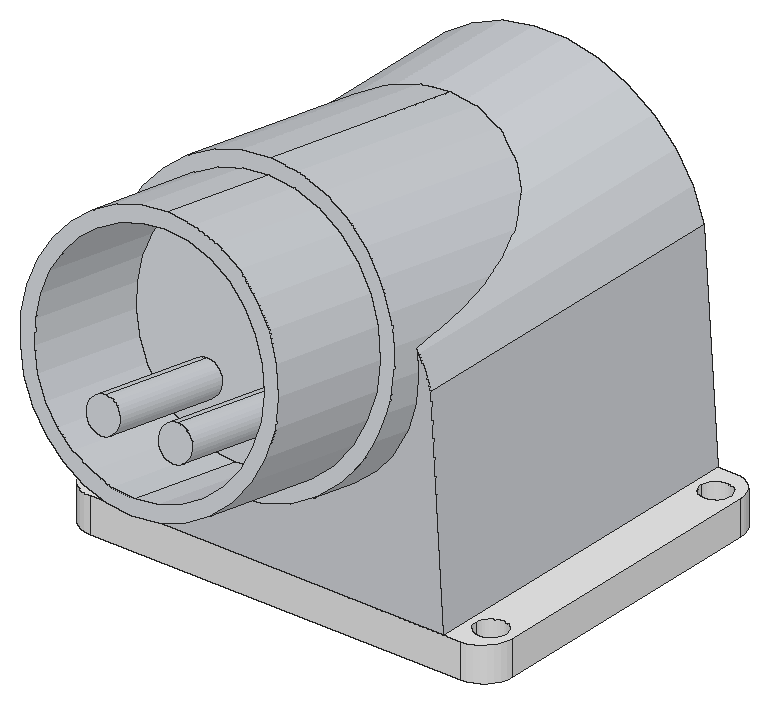
Revit family "Building-ConnessioniIEC309-GEWISS-IEC309BTS-SPINE_FISSE_PAR_90°_BASSISSIMA_V_IP44", category Apparecchi elettrici, host Superficie, Revit 2019
Family settings
  Host = Superficie
  Mantenere orientamento annotazione = Sì
  Quota connettore circolare = Usa diametro
  Tipo di parte = Normale
  Taglio con vuoti quando caricato = No
  Condiviso = No
  Punto di calcolo locali = Sì
Parameters (values of type "GW60481 - SPINA 90°PAR.PROT.2P 32A CC 24/42V 10H")
  simbolo acceso [instance] = yes
  distanza_simbolo [instance] = 1 mm
  distanza dal piano [instance] = 0 mm
  W = 115 mm  # constant formula
  Versione file RFA = "21.11"
  URL = "https://www.gewiss.com/it/it"
  Tipologia = "Spina fissa da parete 90°"
  Tipo Cablaggio = "A vite"
  Termopressione con biglia = "125 °C (Parti attive) - 80 °C (Parti passive)"
  Tensione nominale: = "20-25 V e 40-50 V"
  Temperatura di utilizzo = "-25 +40 °C"
  Spostamento_effettivo_S [instance] = 4000 mm - Spostamento_S  # 3045 mm
  Spostamento_S = 955 mm
  Sovraccarico ammissibile = "42A"
  Scheda Tecnica = "https://www.gewiss.com/it/it/search?q=GW60481"
  SPinotto = Default(2)
  SEO = "Spina"
  Riferimento h: = "10"
  Resistenza di isolamento = "- 10 M?"
  Resistenza agli urti = "IK08"
  Default Elevation = 1219.2 mm
  Produttore = "GEWISS S.p.A."
  Potere d'interruzione a 1,1 Un = "40A"
  Piastra = Default(2)
  N. poli = "2P"
  N. Manovre complessive = "-2000"
  Modello = "GW60481"
  L = 155 mm  # constant formula
  Immagine tipo = (empty or 0)
  IDT = "821e2a5f66e94c3ca955b7df865af73c"
  IDF = "a78e3416-898f-42c7-91d9-a9f08332953b"
  Grado di protezione = "IP44"
  Glow wire test: = "850 °C (Parti attive) - 650 °C (Parti passive)"
  Frequenza = "c.c."
  FORMULA = 1000 mm * 1  # 1000 mm
  Descrizione = "SPINA 90°PAR.PROT.2P 32A CC 24/42V 10H"
  Creato da GEWISS S.p.A. = ""
  Corrente nominale (A) = "32"
  Corpo centrale = Default(2)
  Colore: = "Bianco"
  Codice Electrocod = "2230"
  Catalogo = "BUILDING"
  CapacitÃ  serraggio morsetti = "2,5-6 mm² cavi flessibili - 2,5-10 mm² cavi rigidi"
  COBie.Tagnumber = ""
  COBie.CreatedOn = ""
  COBie.CreatebBy = ""
  COBie.ComponentRegisterItemID = ""
  COBie.Component.TagNumber = ""
  COBie.Component.Space = ""
  COBie.Component.SerialNumber = ""
  COBie.Component.InstallationDate = ""
  COBie.Component.Description = ""
  COBie.Component.BarCode = ""
  BLOCCO = "B=C"
Types (18, lengths in mm): name | Tensione nominale: | Sovraccarico ammissibile | Scheda Tecnica | Riferimento h: | Potere d'interruzione a 1,1 Un | N. poli | N. Manovre complessive | Modello | IDT | Frequenza | Descrizione | Corrente nominale (A) | Colore: | CapacitÃ  serraggio morsetti
  GW60464 - SPINA 90°PAR.PROT.2P 16A 24V S.R. | "20-25 V" | "22A" | "https://www.gewiss.com/it/it/search?q=GW60464" | "-" | "20A" | "2P" | "-5000" | "GW60464" | "8f9231174a304a94be36c30e048564a6" | "50 - 60 Hz" | "SPINA 90°PAR.PROT.2P 16A 24V S.R." | "16" | "Viola" | "1-2,5 mm² cavi flessibili - 1,5-4 mm² cavi rigidi"
  GW60465 - SPINA 90°PAR.PROT.3P 16A 24V S.R. | "20-25 V" | "22A" | "https://www.gewiss.com/it/it/search?q=GW60465" | "-" | "20A" | "3P" | "-5000" | "GW60465" | "ba3ec58e8ed24f709861a0556e7bc539" | "50 - 60 Hz" | "SPINA 90°PAR.PROT.3P 16A 24V S.R." | "16" | "Viola" | "1-2,5 mm² cavi flessibili - 1,5-4 mm² cavi rigidi"
  GW60466 - SPINA 90°PAR.PROT.2P 16A 42V 12H | "40-50 V" | "22A" | "https://www.gewiss.com/it/it/search?q=GW60466" | "12" | "20A" | "2P" | "-5000" | "GW60466" | "986a607f4fb6419c9de7e3133ce5927d" | "50 - 60 Hz" | "SPINA 90°PAR.PROT.2P 16A 42V 12H" | "16" | "Bianco" | "1-2,5 mm² cavi flessibili - 1,5-4 mm² cavi rigidi"
  GW60467 - SPINA 90°PAR.PROT.3P 16A 42V 12H | "40-50 V" | "22A" | "https://www.gewiss.com/it/it/search?q=GW60467" | "12" | "20A" | "3P" | "-5000" | "GW60467" | "9ec27e71a097473186d8bc92797a8960" | "50 - 60 Hz" | "SPINA 90°PAR.PROT.3P 16A 42V 12H" | "16" | "Bianco" | "1-2,5 mm² cavi flessibili - 1,5-4 mm² cavi rigidi"
  GW60468 - SPINA 90°PAR.PROT.2P 16A 24/42V 4H | "20-25 V e 40-50 V" | "22A" | "https://www.gewiss.com/it/it/search?q=GW60468" | "4" | "20A" | "2P" | "-5000" | "GW60468" | "afca2cd228534dd79af195212be72e36" | "100 - 200 Hz" | "SPINA 90°PAR.PROT.2P 16A 24/42V 4H" | "16" | "Verde" | "1-2,5 mm² cavi flessibili - 1,5-4 mm² cavi rigidi"
  GW60469 - SPINA 90°PAR.PROT.3P 16A 24/42V 4H | "20-25 V e 40-50 V" | "22A" | "https://www.gewiss.com/it/it/search?q=GW60469" | "4" | "20A" | "3P" | "-5000" | "GW60469" | "cb7d859783e54eeab3cc56a992f005ae" | "100 - 200 Hz" | "SPINA 90°PAR.PROT.3P 16A 24/42V 4H" | "16" | "Verde" | "1-2,5 mm² cavi flessibili - 1,5-4 mm² cavi rigidi"
  GW60470 - SPINA 90°PAR.PROT.2P 16A 24/42V 11H | "20-25 V e 40-50 V" | "22A" | "https://www.gewiss.com/it/it/search?q=GW60470" | "11" | "20A" | "2P" | "-5000" | "GW60470" | "e00d8f5f2f3e4f01b37b98778d28a8af" | "401 - 500 Hz" | "SPINA 90°PAR.PROT.2P 16A 24/42V 11H" | "16" | "Verde" | "1-2,5 mm² cavi flessibili - 1,5-4 mm² cavi rigidi"
  GW60471 - SPINA 90°PAR.PROT.3P 16A 24/42V 11H | "20-25 V e 40-50 V" | "22A" | "https://www.gewiss.com/it/it/search?q=GW60471" | "11" | "20A" | "3P" | "-5000" | "GW60471" | "b325512ba2b64e6495776f4d3815dfcf" | "401 - 500 Hz" | "SPINA 90°PAR.PROT.3P 16A 24/42V 11H" | "16" | "Verde" | "1-2,5 mm² cavi flessibili - 1,5-4 mm² cavi rigidi"
  GW60472 - SPINA 90°PAR.PROT.2P 16A CC 24/42V 10H | "20-25 V e 40-50 V" | "22A" | "https://www.gewiss.com/it/it/search?q=GW60472" | "10" | "20A" | "2P" | "-5000" | "GW60472" | "b81ec0e9c9f9403fbdf3646b471bd364" | "c.c." | "SPINA 90°PAR.PROT.2P 16A CC 24/42V 10H" | "16" | "Bianco" | "1-2,5 mm² cavi flessibili - 1,5-4 mm² cavi rigidi"
  GW60473 - SPINA 90°PAR.PROT.2P 32A 24V S.R. | "20-25 V" | "42A" | "https://www.gewiss.com/it/it/search?q=GW60473" | "-" | "40A" | "2P" | "-2000" | "GW60473" | "592917cbd13d47aca6b50bed0443e399" | "50 - 60 Hz" | "SPINA 90°PAR.PROT.2P 32A 24V S.R." | "32" | "Viola" | "2,5-6 mm² cavi flessibili - 2,5-10 mm² cavi rigidi"
  GW60474 - SPINA 90°PAR.PROT.3P 32A 24V S.R. | "20-25 V" | "42A" | "https://www.gewiss.com/it/it/search?q=GW60474" | "-" | "40A" | "3P" | "-2000" | "GW60474" | "b0b709e6d8584829a102fbf0dc3fa4e2" | "50 - 60 Hz" | "SPINA 90°PAR.PROT.3P 32A 24V S.R." | "32" | "Viola" | "2,5-6 mm² cavi flessibili - 2,5-10 mm² cavi rigidi"
  GW60475 - SPINA 90°PAR.PROT.2P 32A 42V 12H | "40-50 V" | "42A" | "https://www.gewiss.com/it/it/search?q=GW60475" | "12" | "40A" | "2P" | "-2000" | "GW60475" | "24ed1d03037748b6ae2ad9ce352fc6c0" | "50 - 60 Hz" | "SPINA 90°PAR.PROT.2P 32A 42V 12H" | "32" | "Bianco" | "2,5-6 mm² cavi flessibili - 2,5-10 mm² cavi rigidi"
  GW60476 - SPINA 90°PAR.PROT.3P 32A 42V 12H | "40-50 V" | "42A" | "https://www.gewiss.com/it/it/search?q=GW60476" | "12" | "40A" | "3P" | "-2000" | "GW60476" | "d256924d2b9040af84861a1cb8a9d010" | "50 - 60 Hz" | "SPINA 90°PAR.PROT.3P 32A 42V 12H" | "32" | "Bianco" | "2,5-6 mm² cavi flessibili - 2,5-10 mm² cavi rigidi"
  GW60477 - SPINA 90°PAR.PROT.2P 32A 24/42V 4H | "20-25 V e 40-50 V" | "42A" | "https://www.gewiss.com/it/it/search?q=GW60477" | "4" | "40A" | "2P" | "-2000" | "GW60477" | "b9afd27bd94143868f2f7c6090503419" | "100 - 200 Hz" | "SPINA 90°PAR.PROT.2P 32A 24/42V 4H" | "32" | "Verde" | "2,5-6 mm² cavi flessibili - 2,5-10 mm² cavi rigidi"
  GW60478 - SPINA 90°PAR.PROT.3P 32A 24/42V 4H | "20-25 V e 40-50 V" | "42A" | "https://www.gewiss.com/it/it/search?q=GW60478" | "4" | "40A" | "3P" | "-2000" | "GW60478" | "6959bfaf4465412cb1bd96cc0814d40b" | "100 - 200 Hz" | "SPINA 90°PAR.PROT.3P 32A 24/42V 4H" | "32" | "Verde" | "2,5-6 mm² cavi flessibili - 2,5-10 mm² cavi rigidi"
  GW60479 - SPINA 90°PAR.PROT.2P 32A 24/42V 11H | "20-25 V e 40-50 V" | "42A" | "https://www.gewiss.com/it/it/search?q=GW60479" | "11" | "40A" | "2P" | "-2000" | "GW60479" | "35e01bd77cfa49ad92513a53dfc815d6" | "401 - 500 Hz" | "SPINA 90°PAR.PROT.2P 32A 24/42V 11H" | "32" | "Verde" | "2,5-6 mm² cavi flessibili - 2,5-10 mm² cavi rigidi"
  GW60480 - SPINA 90°PAR.PROT.3P 32A 24/42V 11H | "20-25 V e 40-50 V" | "42A" | "https://www.gewiss.com/it/it/search?q=GW60480" | "11" | "40A" | "3P" | "-2000" | "GW60480" | "b670ff4812344c8098382cb1310fc50c" | "401 - 500 Hz" | "SPINA 90°PAR.PROT.3P 32A 24/42V 11H" | "32" | "Verde" | "2,5-6 mm² cavi flessibili - 2,5-10 mm² cavi rigidi"
  GW60481 - SPINA 90°PAR.PROT.2P 32A CC 24/42V 10H | "20-25 V e 40-50 V" | "42A" | "https://www.gewiss.com/it/it/search?q=GW60481" | "10" | "40A" | "2P" | "-2000" | "GW60481" | "821e2a5f66e94c3ca955b7df865af73c" | "c.c." | "SPINA 90°PAR.PROT.2P 32A CC 24/42V 10H" | "32" | "Bianco" | "2,5-6 mm² cavi flessibili - 2,5-10 mm² cavi rigidi"
Reference planes
  plane 1 "Centro (Fronte/Retro)": y = 0
  plane 2: z = 0
  plane 3 "Centro (Sinistra/Destra)": x = 0
  plane 4: x = -3000
  plane 5: x = 45
  plane 6: z = 0
Dimensions and locks
  plane 4 to plane 3 "Centro (Sinistra/Destra)" = 3000 mm
  "Spostamento_effettivo_S": plane 4 to plane 5
  "distanza dal piano": plane 6 to plane 2
  aligned and locked: plane 2 to host face
  aligned and locked: level to host face
  aligned and locked: plane 3 "Centro (Sinistra/Destra)" to nested 1
  aligned and locked: plane 1 "Centro (Fronte/Retro)" to nested 1
  aligned and locked: nested 2 to plane 5
  aligned and locked: nested 1 to host face
Automatic sketch dimensions
  host sketch curve to host sketch curve = 2438.4 mm  (x2)
Nested families
  nested 1: "IEC309 SPINE FISSE PARETE 90' BASSISSIMA V IP44_base" at (0, 0, 0), type "IEC309 SPINE FISSE PARETE 90' BASSISSIMA V IP44_base"
  nested 2: "simbolo_circuito_GW60201" at (45, 171.559, 0), visible <- "simbolo acceso", Distanza dal muro <- "distanza_simbolo", type "3P"
    with SIMBOLO ACCESO yes, Distanza dal muro 1 mm
  nested 3: "simb_front_IEC309 SPINE FISSE PARETE 90' BASSISSIMA V IP44" at (0, 0, 0), type "simb_front_IEC309 SPINE FISSE PARETE 90' BASSISSIMA V IP44"
Connectors
  electrical at (37.5, 30, 0)
    settings: on nested 1, index 1, voltage 0 V, apparent load 0 VA, apparent load phase1 0 VA, apparent load phase2 0 VA, apparent load phase3 0 VA, power factor 1, load classification "Altro", number of poles 1, system type 31, power factor state 1, is connector primary yes, connector utility no, sub classification motor no, connector description ""
Definition of nested family "IEC309 SPINE FISSE PARETE 90' BASSISSIMA V IP44_base"
  Parameters (values of type "IEC309 SPINE FISSE PARETE 90' BASSISSIMA V IP44_base")
    sp_ghiera = 16 mm
    h = 60 mm
    dis_base = 71 mm
    Spinotto = none
    PIASTRA = none
    Lunghezza totale = 140 mm
    CENTRALE = none
    Bsae = 75 mm
  Reference planes
    plane 1 "Centro (Fronte/Retro)": y = 0
    plane 2: z = 0
    plane 3 "Centro (Sinistra/Destra)": x = 0
    plane 4: x = 48
    plane 5: x = 75
    plane 6: y = 60
    plane 7: z = 6
    plane 8: y = 54.607
    plane 9: y = 5.392
    plane 10: x = 37.5
    plane 11: y = 30
    plane 12: through (4267.2, -43.825, 42.63) normal (0, 0.1727, 0.985)
    plane 13: x = 4.026
    plane 14: x = 70.974
    plane 15: through (4267.2, 5.371, 37.61) normal (0, -0.168, -0.9858)
  Forms (mm)
    Extrusion 1, solid, material <- "PIASTRA"
      sketch origin (0, 0, 0) x (1, 0, 0) y (0, 1, 0)
        loop
          arc (5, 60) -> (1.464, 58.536) -> (0, 55) r 5
          line (0, 55) -> (0, 5)
          arc (0, 5) -> (1.464, 1.464) -> (5, 0) r 5
          line (5, 0) -> (70, 0)
          arc (70, 0) -> (73.536, 1.464) -> (75, 5) r 5
          line (75, 5) -> (75, 55)
          arc (75, 55) -> (73.536, 58.536) -> (70, 60) r 5
          line (70, 60) -> (5, 60)
      from 0 to 6
    Extrusion 2, void
      sketch origin (0, 0, 0) x (1, 0, 0) y (0, 1, 0)
        loop
          circle (4.026, 54.607) r 2.665
        loop
          circle (70.974, 54.607) r 2.602
        loop
          circle (70.974, 5.392) r 2.692
        loop
          circle (4.026, 5.392) r 2.603
      from 0 to 6
    Extrusion 3, solid
      sketch origin (0, 0, 0) x (1, 0, 0) y (0, 0, 1)
        loop
          line (7.941, 6) -> (67.059, 6) -> (64.64, 43.307)
          arc (64.64, 43.307) -> (37.595, 64.199) -> (10.375, 43.534) r 28.105
          line (10.375, 43.534) -> (7.941, 6)
      from -60 to 0
    Sweep 4, solid
      path origin (0, 19.254, -13.324) x (0, 1, 0) y (0, 0, 1)
        loop
          line (-24.725, 59.815) -> (29.449, 50.32)
      profile origin (0, 21.616, 41.743) x (0, 0.17265, 0.984983) y (1, 0, 0)
        loop
          circle (0, 37.5) r 25
        loop
          circle (0, 37.5) r 20
    Sweep 5, solid
      path origin (0, 0, 0) x (0, 1, 0) y (0, 0, 1)
        loop
          line (-27.644, 50.377) -> (0, 45.532)
      profile origin (0, -13.822, 47.955) x (0, 0.17265, 0.984983) y (1, 0, 0)
        loop
          circle (0, 37.5) r 22.5
    Sweep 6, void
      path origin (0, 0, 0) x (0, 1, 0) y (0, 0, 1)
        loop
          line (-27.644, 50.377) -> (-5.471, 46.491)
      profile origin (0, -16.557, 48.434) x (0, 0.17265, 0.984983) y (1, 0, 0)
        loop
          circle (0, 37.5) r 20
    Sweep 7, solid
      path origin (0, 0, 0.625) x (0, 1, 0) y (0, 0, 1)
        loop
          line (-29.444, 40.109) -> (-7.271, 36.222)
      profile origin (0, -18.357, 38.791) x (0, 0.17265, 0.984983) y (1, 0, 0)
        loop
          circle (0, 43.505) r 3
    Sweep 8, solid
      path origin (75, 0, 0.625) x (0, 1, 0) y (0, 0, -1)
        loop
          line (-29.444, -40.109) -> (-7.271, -36.222)
      profile origin (75, -18.357, 38.791) x (0, -0.17265, -0.984983) y (-1, 0, 0)
        loop
          circle (0, 44.13) r 3
  Cuts and joins
    Extrusion 2 cuts Extrusion 1
    Sweep 6 cuts Extrusion 3
    Sweep 6 cuts Sweep 4
    Sweep 6 cuts Sweep 5
    joined: Extrusion 3, Sweep 4, Sweep 5
  Lines and regions (mm)
    symbolic lines
      curve 1: line (265.256, 320.85, 0) -> (277.43, 320.85, 0)
  Dimensions and locks
    "Bsae": plane 3 "Centro (Sinistra/Destra)" to plane 5
    plane 7 to level = 6 mm
    locked: plane 1 "Centro (Fronte/Retro)" to plane 9 at 5.392
    equal spacing: plane 3 "Centro (Sinistra/Destra)", plane 10, plane 5
    locked: plane 6 to plane 8 at 5.393
    equal spacing: plane 1 "Centro (Fronte/Retro)", plane 11, plane 6
    locked: plane 7 to plane 2 at 6
    locked: plane 3 "Centro (Sinistra/Destra)" to plane 13 at 4.026
    locked: plane 14 to plane 5 at 4.026
    plane 1 "Centro (Fronte/Retro)" to plane 6 = 60 mm
    radius of Extrusion 1 sketch curve = 5 mm  (x4)
    aligned and locked: level to plane 2
    aligned and locked: Extrusion 1 to level
    aligned and locked: plane 7 to Extrusion 1
    aligned and locked: Extrusion 2 to level
    aligned and locked: plane 7 to Extrusion 2
    aligned and locked: cut or joined group of Extrusion 3, Sweep 4, Sweep 5, Sweep 6 to plane 7
    aligned and locked: plane 10 to Sweep 4 sketch curve  (x2)
    aligned and locked: plane 13 to Extrusion 2 sketch curve  (x2)
    aligned and locked: plane 14 to Extrusion 2 sketch curve  (x2)
    aligned and locked: plane 6 to Extrusion 3
  Automatic sketch dimensions
    curve 1 to plane 5 = 190.256 mm
    plane 6 to curve 1 = 260.85 mm
    curve 1 to curve 1 = 12.174 mm
    Extrusion 1 sketch curve to plane 3 "Centro (Sinistra/Destra)" = 0 mm
    Extrusion 1 sketch curve to plane 6 = 0 mm
    plane 1 "Centro (Fronte/Retro)" to Extrusion 1 sketch curve = 0 mm
    Extrusion 1 sketch curve to plane 5 = 0 mm
    Extrusion 2 sketch curve to plane 9 = 0 mm  (x2)
    Extrusion 2 sketch curve to plane 8 = 0 mm  (x2)
    Extrusion 3 sketch curve to plane 7 = 0 mm
    plane 13 to Extrusion 3 sketch curve = 3.915 mm
    plane 13 to Extrusion 3 sketch curve = 6.349 mm
    Extrusion 3 sketch curve to plane 10 = 0.023 mm
    plane 14 to Extrusion 3 sketch curve = 6.334 mm
    plane 14 to Extrusion 3 sketch curve = 3.915 mm
    plane 7 to Extrusion 3 sketch curve = 30.094 mm
    Extrusion 3 sketch curve to Extrusion 3 sketch curve = 7.213 mm
    plane 1 "Centro (Fronte/Retro)" to Sweep 4 sketch curve = 5.471 mm
    Sweep 4 sketch curve to plane 8 = 5.904 mm
    plane 7 to Sweep 4 sketch curve = 30.995 mm
    plane 7 to Sweep 4 sketch curve = 40.491 mm
    Sweep 4 sketch curve to Sweep 4 sketch curve = 0 mm
    Sweep 4 sketch curve to profile plane = 0 mm
    Sweep 5 sketch curve to plane 1 "Centro (Fronte/Retro)" = 0 mm
    plane 7 to Sweep 5 sketch curve = 39.532 mm
    plane 1 "Centro (Fronte/Retro)" to Sweep 5 sketch curve = 27.644 mm
    Sweep 5 sketch curve to Sweep 5 sketch curve = 4.845 mm
    Sweep 5 sketch curve to profile plane = 0 mm
    plane 3 "Centro (Sinistra/Destra)" to Sweep 5 sketch curve = 37.5 mm
    plane 1 "Centro (Fronte/Retro)" to Sweep 6 sketch curve = 27.644 mm
    plane 1 "Centro (Fronte/Retro)" to Sweep 6 sketch curve = 5.471 mm
    plane 7 to Sweep 6 sketch curve = 40.491 mm
    Sweep 6 sketch curve to Sweep 6 sketch curve = 3.886 mm
    Sweep 6 sketch curve to profile plane = 0 mm
    plane 3 "Centro (Sinistra/Destra)" to Sweep 6 sketch curve = 37.5 mm
    plane 1 "Centro (Fronte/Retro)" to Sweep 7 sketch curve = 29.444 mm
    plane 1 "Centro (Fronte/Retro)" to Sweep 7 sketch curve = 7.271 mm
    plane 7 to Sweep 7 sketch curve = 30.847 mm
    Sweep 7 sketch curve to Sweep 7 sketch curve = 3.886 mm
    Sweep 7 sketch curve to profile plane = 0 mm
    plane 3 "Centro (Sinistra/Destra)" to Sweep 7 sketch curve = 43.505 mm
    plane 1 "Centro (Fronte/Retro)" to Sweep 8 sketch curve = 29.444 mm
    plane 7 to Sweep 8 sketch curve = 34.734 mm
    plane 1 "Centro (Fronte/Retro)" to Sweep 8 sketch curve = 7.271 mm
    Sweep 8 sketch curve to Sweep 8 sketch curve = 3.886 mm
    profile plane to Sweep 8 sketch curve = 0 mm
    profile plane to Sweep 8 sketch curve = 44.13 mm
    radius of Extrusion 2 sketch curve = 2.665 mm
    radius of Extrusion 2 sketch curve = 2.602 mm
    radius of Extrusion 2 sketch curve = 2.692 mm
    radius of Extrusion 2 sketch curve = 2.603 mm
    radius of Sweep 4 sketch curve = 25 mm
    radius of Sweep 4 sketch curve = 20 mm
    radius of Sweep 5 sketch curve = 22.5 mm
    radius of Sweep 6 sketch curve = 20 mm
    radius of Sweep 7 sketch curve = 3 mm
    radius of Sweep 8 sketch curve = 3 mm
Definition of nested family "simbolo_circuito_GW60201"
  Parameters (values of type "3P")
    SIMBOLO ACCESO [instance] = yes
    Distanza dal muro [instance] = 0 mm
  Reference planes
    plane 1: y = 0
    plane 2: x = 0
  Dimensions and locks
    "Distanza dal muro": plane 1 to nested 1
    aligned and locked: plane 2 to nested 1
  Nested families
    nested 1: "simbolo_circuito_GW60201_base" at (0, 0, 0), visible <- "SIMBOLO ACCESO", type "3P"
      with CORNICE SIMBOLO yes
  Definition of nested family "simbolo_circuito_GW60201_base"
    Parameters (values of type "3P")
      CORNICE SIMBOLO [instance] = yes
      3P = yes
    Types (2, lengths in mm): name | 3P
      3P | yes
      2P | no
    Reference planes
      plane 1: y = 0
      plane 2: x = 0
    Lines and regions (mm)
      detail lines
        curve 1: arc (0.298, 0.46, 0) -> (0, 0.758, 0) -> (-0.298, 0.46, 0) r 0.298
        curve 2: arc (0.139, 0.652, 0) -> (0, 0.731, 0) -> (-0.139, 0.652, 0) r 0.163
        curve 3: arc (-0.139, 0.106, 0) -> (0, 0.027, 0) -> (0.139, 0.106, 0) r 0.163
        curve 4: circle (0, 2.381, 0) r 0.05 normal (0, 0, 1)
        curve 5: line (0, 3.386, 0) -> (0, 0.758, 0)
        curve 6: line (-0.139, 0.652, 0) -> (-0.139, 0.106, 0)
        curve 7: line (0.139, 0.652, 0) -> (0.139, 0.106, 0)
      detail lines, not visible
        curve 8: arc (2.679, 0.46, 0) -> (2.381, 0.758, 0) -> (2.083, 0.46, 0) r 0.298
        curve 9: arc (2.52, 0.652, 0) -> (2.381, 0.731, 0) -> (2.241, 0.652, 0) r 0.163
        curve 10: arc (2.241, 0.106, 0) -> (2.381, 0.027, 0) -> (2.52, 0.106, 0) r 0.163
        curve 11: circle (2.381, 2.381, 0) r 0.05 normal (0, 0, 1)
        curve 12: line (2.381, 3.386, 0) -> (2.381, 0.758, 0)
        curve 13: line (2.241, 0.652, 0) -> (2.241, 0.106, 0)
        curve 14: line (2.52, 0.652, 0) -> (2.52, 0.106, 0)
Definition of nested family "simb_front_IEC309 SPINE FISSE PARETE 90' BASSISSIMA V IP44"
  Reference planes
    plane 1 "Centro (Fronte/Retro)": y = 0
    plane 2: z = 0
    plane 3 "Centro (Sinistra/Destra)": x = 0
  Dimensions and locks
    aligned and locked: import instance to plane 3 "Centro (Sinistra/Destra)"
    aligned and locked: plane 1 "Centro (Fronte/Retro)" to import instance
